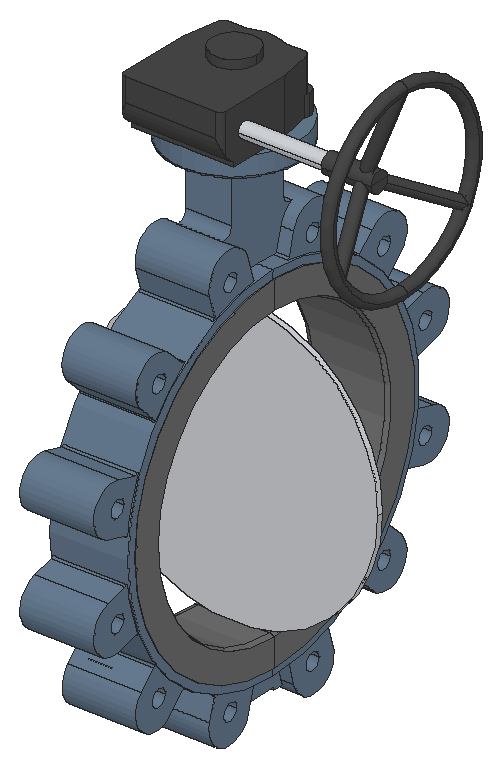
Revit family "Запорно-регулирующая заслонка с ручным редукторным приводом AF-4219", category Rohrzubehör, Revit 2019 (continued)
Definition of nested family "Getriebe für Klappe DN50-DN200"
  Dimensions and locks
    "R06": radius of Revolve 6 sketch curve
    "W01": angle Extrusion 1 sketch curve to Extrusion 1 sketch curve  (x2)
    aligned and locked: level to plane 2
  Automatic sketch dimensions
    Extrusion 3 sketch curve to level = 0 mm
    plane 1 "Mitte (Vorne/hinten)" to Extrusion 3 sketch curve = 80 mm
    Extrusion 3 sketch curve to Extrusion 3 sketch curve = 15.427 mm
    Extrusion 3 sketch curve to Extrusion 3 sketch curve = 13.173 mm
    level to Extrusion 3 sketch curve = 4.9 mm
    plane 1 "Mitte (Vorne/hinten)" to Extrusion 5 sketch curve = 0 mm
    Extrusion 5 sketch curve to plane 3 "Mitte (Links/rechts)" = 0 mm
    level to Revolve 7 sketch curve = 28.6 mm  (x2)
    plane 3 "Mitte (Links/rechts)" to Revolve 7 sketch curve = 172 mm
    level to Revolve 7 sketch curve = 26.361 mm
    Revolve 7 sketch curve to Revolve 7 sketch curve = 5.567 mm
    level to Revolve 7 sketch curve = 120.6 mm
    Revolve 7 sketch curve to Revolve 7 sketch curve = 0 mm  (x3)
    plane 3 "Mitte (Links/rechts)" to Revolve 10 sketch curve = 172 mm
    Revolve 10 sketch curve to Revolve 10 sketch curve = 5.567 mm
    Revolve 10 sketch curve to Revolve 10 sketch curve = 37 mm
    Revolve 10 sketch curve to Revolve 10 sketch curve = 2.239 mm
    Revolve 10 sketch curve to Revolve 10 sketch curve = 0 mm  (x4)
    plane 3 "Mitte (Links/rechts)" to Revolve 9 sketch curve = 172 mm
    Revolve 9 sketch curve to Revolve 9 sketch curve = 5.567 mm
    Revolve 9 sketch curve to Revolve 9 sketch curve = 37 mm
    Revolve 9 sketch curve to Revolve 9 sketch curve = 2.239 mm
    Revolve 9 sketch curve to Revolve 9 sketch curve = 0 mm  (x4)
    Extrusion 1 sketch curve to plane 3 "Mitte (Links/rechts)" = 0 mm
    plane 1 "Mitte (Vorne/hinten)" to Extrusion 1 sketch curve = 0 mm  (x2)
    Extrusion 1 sketch curve to plane 1 "Mitte (Vorne/hinten)" = 35.392 mm
    Extrusion 1 sketch curve to Extrusion 1 sketch curve = 18.48 mm  (x2)
    Extrusion 2 sketch curve to plane 3 "Mitte (Links/rechts)" = 35.7 mm
    plane 3 "Mitte (Links/rechts)" to Extrusion 2 sketch curve = 35.7 mm
    Revolve 4 sketch curve to plane 3 "Mitte (Links/rechts)" = 0 mm  (x2)
    Revolve 4 sketch curve to Revolve 4 sketch curve = 0 mm  (x2)
    Revolve 6 sketch curve to plane 3 "Mitte (Links/rechts)" = 1506.53 mm
    Revolve 6 sketch curve to Revolve 6 sketch curve = 1630.148 mm
    Revolve 8 sketch curve to Revolve 8 sketch curve = 7.5 mm
    Revolve 8 sketch curve to Revolve 8 sketch curve = 0 mm  (x2)
    radius of Extrusion 5 sketch curve = 22.3 mm
Definition of nested family "Getriebe für Klappe DN250-DN300"
  Parameters (values of type "Getriebe für Klappe DN250-DN300")
    W01 = 11.19°  # constant formula
    URL = "www.herz-armaturen.at"
    R07 = 92 mm  # constant formula
    R06 = 6 mm  # constant formula
    R05 = 10 mm  # constant formula
    R04 = 7.5 mm  # constant formula
    R03 = 10.5 mm  # constant formula
    R02 = 5.4 mm  # constant formula
    R01 = 44.9 mm  # constant formula
    M01 = 37 mm  # constant formula
    L03 = 52 mm  # constant formula
    L02 = 39.6 mm  # constant formula
    L01 = 80 mm  # constant formula
    Manufacturer = "Herz-Armaturen GmbH"  # constant formula
    H03 = 28.6 mm  # constant formula
    H02 = 20 mm  # constant formula
    H01 = 54 mm  # constant formula
    B05 = 209 mm  # constant formula
    B04 = 22 mm  # constant formula
    B03 = 50 mm  # constant formula
    B02 = 159 mm  # constant formula
    B01 = 51 mm  # constant formula
    A01 = 28.6 mm  # constant formula
  Reference planes
    plane 1 "Mitte (Vorne/hinten)": y = 0
    plane 2: z = 0
    plane 3 "Mitte (Links/rechts)": x = 0
  Forms (mm)
    Extrusion 1, solid, detail levels fine
      sketch origin (0, 0, 0) x (1, 0, 0) y (0, 1, 0)
        loop
          line (51, 0) -> (43.999, 35.392)
          arc (43.999, 35.392) -> (42.103, 38.419) -> (38.732, 39.6) r 5.4
          line (38.732, 39.6) -> (20.252, 39.6)
          arc (20.252, 39.6) -> (0, 44.427) -> (-20.252, 39.6) r 44.9
          line (-20.252, 39.6) -> (-38.732, 39.6)
          arc (-38.732, 39.6) -> (-42.103, 38.419) -> (-43.999, 35.392) r 5.4
          line (-43.999, 35.392) -> (-51, 0) -> (-51, -74.6)
          arc (-51, -74.6) -> (-49.418, -78.418) -> (-45.6, -80) r 5.4
          line (-45.6, -80) -> (45.6, -80)
          arc (45.6, -80) -> (49.418, -78.418) -> (51, -74.6) r 5.4
          line (51, -74.6) -> (51, 0)
      from 0 to 54
    Extrusion 2, solid, detail levels fine
      sketch origin (0, 0, 0) x (1, 0, 0) y (0, 1, 0)
        loop
          circle (-35.7, 37) r 10.5
        loop
          circle (35.7, 37) r 10.5
      from 0 to 20
    Extrusion 3, void
      sketch origin (0, 0, 0) x (0, 1, 0) y (0, 0, 1)
        loop
          line (-80, 0) -> (-64.573, 0) -> (-64.573, 4.9)
          arc (-64.573, 4.9) -> (-75.841, 15.433) -> (-80, 30.286) r 28.6
          line (-80, 30.286) -> (-80, 0)
      from -51 to 51
    Revolve 4, solid, detail levels fine
      sketch origin (0, 0, 28.6) x (1, 0, 0) y (0, 1, 0)
        loop
          line (0, -52) -> (0, -59.5) -> (159, -59.5) -> (159, -52) -> (0, -52)
        axis (0, -52) -> (159, -52)
      angle from 0 to 360
    Extrusion 5, solid, detail levels fine
      sketch origin (0, 0, 0) x (1, 0, 0) y (0, 1, 0)
        loop
          circle (0, 0) r 22.3
      from 54 to 62.5
    Revolve 6, solid, detail levels fine
      sketch origin (0, -52, 28.6) x (1, 0, 0) y (0, 0, 1)
        loop
          circle (209, 92) r 6
        axis (203, 0) -> (215, 0)
      angle from 0 to 360
    Revolve 7, solid, detail levels fine
      sketch origin (0, -52, 0) x (1, 0, 0) y (0, 0, 1)
        loop
          line (209, 120.6) -> (172, 28.6) -> (177.567, 26.361) -> (214.567, 118.361) -> (209, 120.6)
        axis (172, 28.6) -> (209, 120.6)
      angle from 0 to 360
    Revolve 8, solid, detail levels fine
      sketch origin (0, 0, 28.6) x (1, 0, 0) y (0, 1, 0)
        loop
          line (137, -59.5) -> (137, -62) -> (187, -62) -> (187, -52) -> (159, -52) -> (159, -59.5) -> (137, -59.5)
        axis (137, -52) -> (187, -52)
      angle from 0 to 360
    Revolve 9, solid, detail levels fine
      sketch origin (0, -27.232, 42.9) x (1, 0, 0) y (0, -0.866025, -0.5)
        loop
          line (209, 120.6) -> (172, 28.6) -> (177.567, 26.361) -> (214.567, 118.361) -> (209, 120.6)
        axis (172, 28.6) -> (209, 120.6)
      angle from 0 to 360
    Revolve 10, solid, detail levels fine
      sketch origin (0, -76.768, 42.9) x (1, 0, 0) y (0, 0.866025, -0.5)
        loop
          line (209, 120.6) -> (172, 28.6) -> (177.567, 26.361) -> (214.567, 118.361) -> (209, 120.6)
        axis (172, 28.6) -> (209, 120.6)
      angle from 0 to 360
  Cuts and joins
    Extrusion 3 cuts Extrusion 1
  Dimensions and locks
    "B01": Extrusion 1 sketch curve to plane 3 "Mitte (Links/rechts)"
    "B01": plane 3 "Mitte (Links/rechts)" to Extrusion 1 sketch curve
    "L02": plane 1 "Mitte (Vorne/hinten)" to Extrusion 1 sketch curve  (x2)
    "L01": Extrusion 1 sketch curve to plane 1 "Mitte (Vorne/hinten)"
    "M01": plane 1 "Mitte (Vorne/hinten)" to Extrusion 2 sketch curve  (x2)
    "H01": Extrusion 1 to plane 2
    "H02": Extrusion 2 to plane 2
    "L03": Revolve 4 sketch curve to plane 1 "Mitte (Vorne/hinten)"
    "R04": Revolve 4 sketch curve to Revolve 4 sketch curve
    "B02": Revolve 4 sketch curve to Revolve 4 sketch curve
    "H03": Revolve 8 to plane 2
    "H03": Revolve 4 to plane 2
    "L03": Revolve 8 sketch curve to plane 1 "Mitte (Vorne/hinten)"
    "B02": plane 3 "Mitte (Links/rechts)" to Revolve 8 sketch curve
    "R05": Revolve 8 sketch curve to Revolve 8 sketch curve
    "B03": Revolve 8 sketch curve to Revolve 8 sketch curve
    "B04": Revolve 8 sketch curve to Revolve 8 sketch curve
    "R04": Revolve 8 sketch curve to Revolve 8 sketch curve
    "B05": Revolve 6 sketch curve to plane 3 "Mitte (Links/rechts)"
    "R07": Revolve 6 sketch curve to Revolve 6 sketch curve
    "A01": plane 2 to Revolve 6 sketch curve
    "R02": radius of Extrusion 1 sketch curve  (x4)
    "R01": radius of Extrusion 1 sketch curve
    "R03": radius of Extrusion 2 sketch curve  (x2)
    "R06": radius of Revolve 6 sketch curve
    "W01": angle Extrusion 1 sketch curve to Extrusion 1 sketch curve  (x2)
    aligned and locked: level to plane 2
  Automatic sketch dimensions
    Extrusion 3 sketch curve to level = 0 mm
    plane 1 "Mitte (Vorne/hinten)" to Extrusion 3 sketch curve = 80 mm
    Extrusion 3 sketch curve to Extrusion 3 sketch curve = 15.427 mm
    Extrusion 3 sketch curve to Extrusion 3 sketch curve = 13.173 mm
    level to Extrusion 3 sketch curve = 4.9 mm
    plane 1 "Mitte (Vorne/hinten)" to Extrusion 5 sketch curve = 0 mm
    Extrusion 5 sketch curve to plane 3 "Mitte (Links/rechts)" = 0 mm
    level to Revolve 7 sketch curve = 28.6 mm  (x2)
    plane 3 "Mitte (Links/rechts)" to Revolve 7 sketch curve = 172 mm
    level to Revolve 7 sketch curve = 26.361 mm
    Revolve 7 sketch curve to Revolve 7 sketch curve = 5.567 mm
    level to Revolve 7 sketch curve = 120.6 mm
    Revolve 7 sketch curve to Revolve 7 sketch curve = 0 mm  (x3)
    plane 3 "Mitte (Links/rechts)" to Revolve 10 sketch curve = 172 mm
    Revolve 10 sketch curve to Revolve 10 sketch curve = 5.567 mm
    Revolve 10 sketch curve to Revolve 10 sketch curve = 37 mm
    Revolve 10 sketch curve to Revolve 10 sketch curve = 2.239 mm
    Revolve 10 sketch curve to Revolve 10 sketch curve = 0 mm  (x4)
    plane 3 "Mitte (Links/rechts)" to Revolve 9 sketch curve = 172 mm
    Revolve 9 sketch curve to Revolve 9 sketch curve = 5.567 mm
    Revolve 9 sketch curve to Revolve 9 sketch curve = 37 mm
    Revolve 9 sketch curve to Revolve 9 sketch curve = 2.239 mm
    Revolve 9 sketch curve to Revolve 9 sketch curve = 0 mm  (x4)
    Extrusion 1 sketch curve to plane 3 "Mitte (Links/rechts)" = 0 mm
    plane 1 "Mitte (Vorne/hinten)" to Extrusion 1 sketch curve = 0 mm  (x2)
    Extrusion 1 sketch curve to plane 1 "Mitte (Vorne/hinten)" = 35.392 mm
    Extrusion 1 sketch curve to Extrusion 1 sketch curve = 18.48 mm  (x2)
    Extrusion 2 sketch curve to plane 3 "Mitte (Links/rechts)" = 35.7 mm
    plane 3 "Mitte (Links/rechts)" to Extrusion 2 sketch curve = 35.7 mm
    Revolve 4 sketch curve to plane 3 "Mitte (Links/rechts)" = 0 mm  (x2)
    Revolve 4 sketch curve to Revolve 4 sketch curve = 0 mm  (x2)
    Revolve 6 sketch curve to plane 3 "Mitte (Links/rechts)" = 1506.53 mm
    Revolve 6 sketch curve to Revolve 6 sketch curve = 1630.148 mm
    Revolve 8 sketch curve to Revolve 8 sketch curve = 7.5 mm
    Revolve 8 sketch curve to Revolve 8 sketch curve = 0 mm  (x2)
    radius of Extrusion 5 sketch curve = 22.3 mm
